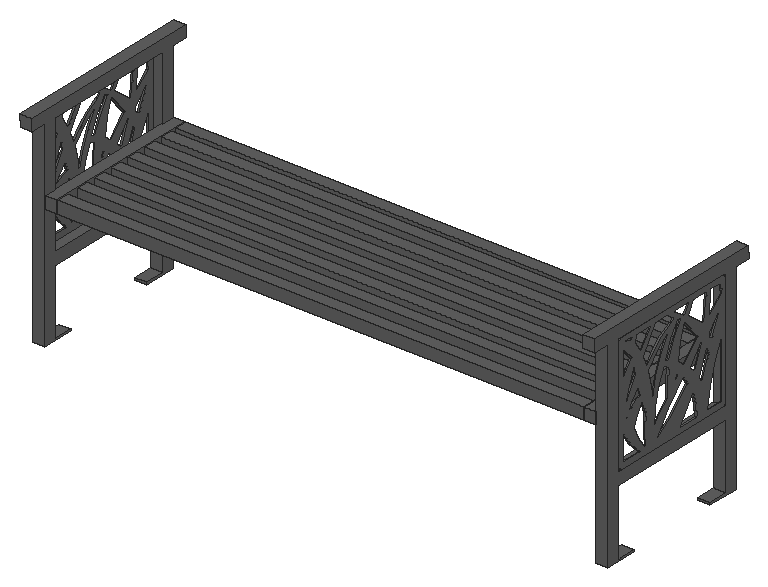
Revit family (continued)
Definition of nested family "Panel-Seat-SiteScapes-Square Tube"
  Forms (in)
    Sweep 5, solid, material <- "Material", detail levels medium+fine
      profile origin (0, 1.7, 0) x (0, 1, 0) y (0, 0, 1)
        loop
          line (-8.14, 1.5) -> (-8.14, 0) -> (-6.64, 0) -> (-6.64, 1.5) -> (-8.14, 1.5)
    Sweep 6, solid, material <- "Material", detail levels medium+fine
      path origin (0, 13.2, 0) x (1, 0, 0) y (0, 1, 0)
        loop
          line (-33, -8.86) -> (33, -8.86)
      profile origin (0, 4.34, 0) x (0, 1, 0) y (0, 0, 1)
        loop
          line (-8.14, 1.5) -> (-8.14, 0) -> (-6.64, 0) -> (-6.64, 1.5) -> (-8.14, 1.5)
    Sweep 7, solid, material <- "Material", detail levels medium+fine
      path origin (0, -20.06428, 0) x (-1, 0, 0) y (0, 0, 1)
        loop
          line (-33, 1.5) -> (33, 1.5)
      profile origin (0, -20.06428, 1.5) x (0, 0, 1) y (0, 1, 0)
        loop
          line (-1.5, 1.5) -> (-1.5, 0) -> (0, 0) -> (0, 1.5) -> (-1.5, 1.5)
    Sweep 8, solid, material <- "Material", visible <- "Has Support Bars", detail levels medium+fine
      path origin (0, -0.06428, 0.05462) x (1, 0, 0) y (0, 0, 1)
        loop
          line (33, 1.44538) -> (-33, 1.44538)
      profile origin (0, -0.06428, 1.5) x (0, 0, -1) y (0, -1, 0)
        loop
          line (1.5, 0) -> (1.5, 1.5) -> (0, 1.5) -> (0, 0) -> (1.5, 0)
    Sweep 9, solid, material <- "Material", detail levels medium+fine
      path origin (0, 0, 0) x (1, 0, 0) y (0, 1, 0)
        loop
          line (-34.5, -20.06428) -> (-34.5, -0.06428)
      profile origin (-34.5, -10.06428, 0) x (-1, 0, 0) y (0, 0, 1)
        loop
          line (0, 1.5) -> (-1.5, 1.5) -> (-1.5, 0) -> (0, 0) -> (0, 1.5)
    Sweep 10, solid, material <- "Material", detail levels medium+fine
      path origin (67.5, 0, 0) x (1, 0, 0) y (0, 1, 0)
        loop
          line (-34.5, -20.06428) -> (-34.5, -0.06428)
      profile origin (33, -10.06428, 0) x (-1, 0, 0) y (0, 0, 1)
        loop
          line (0, 1.5) -> (-1.5, 1.5) -> (-1.5, 0) -> (0, 0) -> (0, 1.5)
  Lines and regions (in)
    Masking region 1, detail levels medium+fine
      outline origin (0, -2.3125, 0) x (1, 0, 0) y (0, 0, 1)
        loop
          line (-34.5, 1.5) -> (-34.5, 0) -> (34.5, 0) -> (34.5, 1.5) -> (-34.5, 1.5)
    Masking region 2, detail levels medium+fine
      outline origin (0, 3, 0) x (0, 1, 0) y (0, 0, 1)
        loop
          line (-20, 1.5) -> (-20, 0) -> (-18.5, 0) -> (-18.5, 1.5) -> (-20, 1.5)
    Masking region 3, detail levels medium+fine
      outline origin (0, 0, 0) x (1, 0, 0) y (0, 1, 0)
        loop
          line (-33, -15.5) -> (-33, -17) -> (33, -17) -> (33, -15.5) -> (-33, -15.5)
        loop
          line (-33, -14.36) -> (33, -14.36) -> (33, -12.86) -> (-33, -12.86) -> (-33, -14.36)
        loop
          line (-33, -11.72) -> (33, -11.72) -> (33, -10.22) -> (-33, -10.22) -> (-33, -11.72)
        loop
          line (-33, -9.08) -> (33, -9.08) -> (33, -7.58) -> (-33, -7.58) -> (-33, -9.08)
        loop
          line (-33, -6.44) -> (33, -6.44) -> (33, -4.94) -> (-33, -4.94) -> (-33, -6.44)
        loop
          line (-33, -3.8) -> (33, -3.8) -> (33, -2.3) -> (-33, -2.3) -> (-33, -3.8)
        loop
          line (33, -0.06428) -> (-33, -0.06428) -> (-33, -1.56428) -> (33, -1.56428) -> (33, -0.06428)
        loop
          line (33, -18.56428) -> (-33, -18.56428) -> (-33, -20.06428) -> (33, -20.06428) -> (33, -18.56428)
    Masking region 4, detail levels medium+fine
      outline origin (0, 5.64, 0) x (0, 1, 0) y (0, 0, 1)
        loop
          line (-20, 1.5) -> (-20, 0) -> (-18.5, 0) -> (-18.5, 1.5) -> (-20, 1.5)
    Masking region 5, detail levels medium+fine
      outline origin (0, 8.28, 0) x (0, 1, 0) y (0, 0, 1)
        loop
          line (-20, 1.5) -> (-20, 0) -> (-18.5, 0) -> (-18.5, 1.5) -> (-20, 1.5)
    Masking region 6, detail levels medium+fine
      outline origin (0, 10.92, 0) x (0, 1, 0) y (0, 0, 1)
        loop
          line (-20, 1.5) -> (-20, 0) -> (-18.5, 0) -> (-18.5, 1.5) -> (-20, 1.5)
    Masking region 7, detail levels medium+fine
      outline origin (0, 13.56, 0) x (0, 1, 0) y (0, 0, 1)
        loop
          line (-20, 1.5) -> (-20, 0) -> (-18.5, 0) -> (-18.5, 1.5) -> (-20, 1.5)
    Masking region 8, detail levels medium+fine
      outline origin (0, 16.2, 0) x (0, 1, 0) y (0, 0, 1)
        loop
          line (-20, 1.5) -> (-20, 0) -> (-18.5, 0) -> (-18.5, 1.5) -> (-20, 1.5)
    Masking region 9, detail levels medium+fine
      outline origin (-0.09772, -0.06428, 0) x (1, 0, 0) y (0, 1, 0)
        loop
          line (-34.5, 0) -> (-34.5, -20) -> (34.5, -20) -> (34.5, 0) -> (-34.5, 0)
        loop
          line (-33, -1.5) -> (-33, -18.5) -> (33, -18.5) -> (33, -1.5) -> (-33, -1.5)
    Masking region 10, detail levels medium+fine
      outline origin (0, -0.06428, 0) x (0, 1, 0) y (0, 0, 1)
        loop
          line (-20, 1.5) -> (-20, 0) -> (-18.5, 0) -> (-18.5, 1.5) -> (-20, 1.5)
    Masking region 11, detail levels medium+fine
      outline origin (0, 18.44947, 0) x (0, 1, 0) y (0, 0, 1)
        loop
          line (-20, 1.5) -> (-20, 0) -> (-18.5, 0) -> (-18.5, 1.5) -> (-20, 1.5)
    Masking region 12, detail levels medium+fine
      outline origin (0, 0, 0) x (1, 0, 0) y (0, 1, 0)
        loop
          line (-34.5, -0.06428) -> (-34.5, -20.06428) -> (-33, -20.06428) -> (-33, -0.06428) -> (-34.5, -0.06428)
        loop
          line (33, -0.06428) -> (33, -20.06428) -> (34.5, -20.06428) -> (34.5, -0.06428) -> (33, -0.06428)
    model lines, style "Bench Seat", detail levels coarse
      curve 1: line (-33, -17, 1.5) -> (-33, -17, 0)
    model lines, style "Bench Frame", detail levels coarse
      curve 2: line (-33.84772, -0.81428, 0.75) -> (33.65228, -0.81428, 0.75)
      curve 3: line (33.65228, -19.31428, 0.75) -> (-33.84772, -19.31428, 0.75)
      curve 4: line (-33.84772, -20.06428, 0.75) -> (-33.84772, -0.06428, 0.75)
      curve 5: line (33.65228, -20.06428, 0.75) -> (33.65228, -0.06428, 0.75)
    model lines, detail levels coarse
      curve 6: line (33.65228, -16.36, 1.5) -> (-33.84772, -16.36, 1.5)
      curve 7: line (-33.84772, -13.61, 1.5) -> (33.65228, -13.61, 1.5)
      curve 8: line (33.65228, -10.97, 1.5) -> (-33.84772, -10.97, 1.5)
      curve 9: line (-33.84772, -8.33, 1.5) -> (33.65228, -8.33, 1.5)
      curve 10: line (33.65228, -5.69, 1.5) -> (-33.84772, -5.69, 1.5)
      curve 11: line (-33.84772, -3.05, 1.5) -> (33.65228, -3.05, 1.5)
  Dimensions and locks (in)
    "Width": plane 24 to plane 25
    "Height": plane 7 "Top" to plane 2 "Original Bottom"
    locked: plane 5 "Inside Right" to plane 21 at 1.5
    locked: plane 20 "Bar Left" to plane 4 "Inside Left" at 1.5
    plane 8 "BacK Depth" to plane 9 "Front Depth" = 0' - 1.14"
    locked: plane 1 "Center (Front/Back)" to plane 11 "Back Offset" at 1.14
    locked: plane 6 "Front" to plane 10 "Front Offset" at 1.14
    locked: plane 24 to plane 20 "Bar Left" at 1.5
    locked: plane 21 to plane 25 at 1.5
    equal spacing: plane 24, plane 3 "Center (Left/Right)", plane 25
    aligned and locked: plane 2 "Original Bottom" to level
    aligned and locked: Masking region 1 sketch curve to plane 7 "Top"
    aligned and locked: plane 2 "Original Bottom" to Masking region 1 sketch curve
    aligned and locked: Masking region 3 sketch curve to Sweep 1  (x4)
    aligned and locked: plane 13 to Sweep 3
    aligned and locked: plane 14 to Sweep 3
    aligned and locked: plane 15 to Sweep 4
    aligned and locked: plane 16 to Sweep 4
    aligned and locked: plane 17 to Sweep 5
    aligned and locked: plane 18 to Sweep 5
    aligned and locked: plane 19 to Sweep 6
    aligned and locked: plane 5 "Inside Right" to Sweep 2 sketch curve
    aligned and locked: plane 4 "Inside Left" to Sweep 2 sketch curve
    aligned and locked: plane 5 "Inside Right" to Sweep 3 sketch curve
    aligned and locked: plane 4 "Inside Left" to Sweep 3 sketch curve
    aligned and locked: plane 5 "Inside Right" to Sweep 1 sketch curve
    aligned and locked: plane 4 "Inside Left" to Sweep 1 sketch curve
    aligned and locked: plane 5 "Inside Right" to Sweep 4 sketch curve
    aligned and locked: plane 4 "Inside Left" to Sweep 4 sketch curve
    aligned and locked: plane 5 "Inside Right" to Sweep 5 sketch curve
    aligned and locked: plane 4 "Inside Left" to Sweep 5 sketch curve
    aligned and locked: plane 5 "Inside Right" to Sweep 6 sketch curve
    aligned and locked: plane 4 "Inside Left" to Sweep 6 sketch curve
    aligned and locked: Masking region 3 sketch curve to Sweep 2  (x4)
    aligned and locked: Masking region 3 sketch curve to Sweep 3  (x4)
    aligned and locked: Masking region 3 sketch curve to Sweep 4  (x4)
    aligned and locked: Masking region 3 sketch curve to Sweep 5  (x4)
    aligned and locked: Masking region 3 sketch curve to Sweep 6  (x4)
    aligned and locked: profile plane to Sweep 7 sketch curve
    aligned and locked: profile plane to Sweep 8 sketch curve
    aligned and locked: Sweep 7 to Sweep 8 sketch curve
    aligned and locked: Masking region 3 sketch curve to Sweep 8  (x4)
    aligned and locked: Masking region 3 sketch curve to Sweep 7  (x4)
    aligned and locked: plane 4 "Inside Left" to Sweep 7
    aligned and locked: plane 4 "Inside Left" to Sweep 8
    aligned and locked: Sweep 9 sketch curve to plane 20 "Bar Left"
    aligned and locked: plane 4 "Inside Left" to Sweep 9 sketch curve
    aligned and locked: Sweep 9 sketch curve to plane 7 "Top"
    aligned and locked: plane 2 "Original Bottom" to Sweep 9 sketch curve
    aligned and locked: Sweep 10 to plane 5 "Inside Right"
    aligned and locked: Sweep 10 to plane 21
    aligned and locked: Sweep 10 to plane 22
    aligned and locked: Sweep 10 to plane 23
    aligned and locked: Masking region 12 sketch curve to plane 22  (x2)
    aligned and locked: plane 23 to Masking region 12 sketch curve  (x2)
    aligned and locked: plane 5 "Inside Right" to Masking region 12 sketch curve
    aligned and locked: plane 21 to Masking region 12 sketch curve
    aligned and locked: plane 4 "Inside Left" to Masking region 12 sketch curve
    aligned and locked: Masking region 12 sketch curve to plane 20 "Bar Left"
    aligned and locked: Sweep 10 to curve 5
    aligned and locked: curve 5 to Sweep 10
    aligned and locked: plane 23 to curve 4
    aligned and locked: curve 5 to curve 11
    aligned and locked: curve 5 to curve 10
    aligned and locked: curve 5 to curve 9
    aligned and locked: curve 5 to curve 8
    aligned and locked: curve 5 to curve 7
    aligned and locked: curve 4 to curve 6
    aligned and locked: curve 4 to curve 7
    aligned and locked: curve 4 to curve 8
    aligned and locked: curve 4 to curve 9
    aligned and locked: curve 4 to curve 10
    aligned and locked: curve 4 to curve 11
    aligned and locked: curve 4 to curve 2
    aligned and locked: Masking region 1 sketch curve to plane 20 "Bar Left"
    aligned and locked: plane 21 to Masking region 1 sketch curve
  Automatic sketch dimensions
    Sweep 1 sketch curve to profile plane = 0' - 0"
    profile plane to Sweep 1 sketch curve = 0' - 8.14"
    Sweep 1 sketch curve to Sweep 1 sketch curve = 0' - 1 1/2"
    profile plane to Sweep 1 sketch curve = 0' - 1 1/2"
    Masking region 4 sketch curve to Masking region 4 sketch curve = 0' - 1 1/2"  (x2)
    Sweep 2 sketch curve to profile plane = 0' - 0"
    profile plane to Sweep 2 sketch curve = 0' - 8.14"
    Sweep 2 sketch curve to Sweep 2 sketch curve = 0' - 1 1/2"
    profile plane to Sweep 2 sketch curve = 0' - 1 1/2"
    Masking region 5 sketch curve to Masking region 5 sketch curve = 0' - 1 1/2"  (x2)
    Sweep 3 sketch curve to profile plane = 0' - 0"
    profile plane to Sweep 3 sketch curve = 0' - 8.14"
    Sweep 3 sketch curve to Sweep 3 sketch curve = 0' - 1 1/2"
    profile plane to Sweep 3 sketch curve = 0' - 1 1/2"
    Masking region 6 sketch curve to Masking region 6 sketch curve = 0' - 1 1/2"  (x2)
    Sweep 4 sketch curve to profile plane = 0' - 0"
    profile plane to Sweep 4 sketch curve = 0' - 8.14"
    Sweep 4 sketch curve to Sweep 4 sketch curve = 0' - 1 1/2"
    profile plane to Sweep 4 sketch curve = 0' - 1 1/2"
    Masking region 7 sketch curve to Masking region 7 sketch curve = 0' - 1 1/2"  (x2)
    Sweep 5 sketch curve to profile plane = 0' - 0"
    profile plane to Sweep 5 sketch curve = 0' - 8.14"
    Sweep 5 sketch curve to Sweep 5 sketch curve = 0' - 1 1/2"
    profile plane to Sweep 5 sketch curve = 0' - 1 1/2"
    Masking region 8 sketch curve to Masking region 8 sketch curve = 0' - 1 1/2"  (x2)
    Sweep 6 sketch curve to profile plane = 0' - 0"
    profile plane to Sweep 6 sketch curve = 0' - 8.14"
    Sweep 6 sketch curve to Sweep 6 sketch curve = 0' - 1 1/2"
    profile plane to Sweep 6 sketch curve = 0' - 1 1/2"
    curve 1 to plane 7 "Top" = 0' - 0"
    Masking region 4 sketch curve to level = 0' - 0"
    Masking region 4 sketch curve to plane 8 "BacK Depth" = 0' - 0"
    Masking region 5 sketch curve to level = 0' - 0"
    Masking region 5 sketch curve to plane 13 = 0' - 0"
    Masking region 6 sketch curve to level = 0' - 0"
    Masking region 6 sketch curve to plane 15 = 0' - 0"
    Masking region 7 sketch curve to level = 0' - 0"
    Masking region 7 sketch curve to plane 17 = 0' - 0"
    plane 11 "Back Offset" to Sweep 5 sketch curve = 0' - 2.8725"
    Masking region 8 sketch curve to level = 0' - 0"
    Masking region 8 sketch curve to plane 19 = 0' - 0"
    plane 11 "Back Offset" to Sweep 6 sketch curve = 0' - 5.5125"
    Sweep 2 sketch curve to plane 17 = 0' - 0.22"
    Sweep 3 sketch curve to plane 19 = 0' - 0.22"
    Sweep 1 sketch curve to plane 15 = 0' - 0.22"
    plane 11 "Back Offset" to Sweep 4 sketch curve = 0' - 0.2325"
    Sweep 7 sketch curve to plane 7 "Top" = 0' - 0"
    plane 5 "Inside Right" to Sweep 7 sketch curve = 0' - 0"
    Sweep 7 sketch curve to plane 4 "Inside Left" = 0' - 0"
    Sweep 7 sketch curve to profile plane = 0' - 0"
    profile plane to Sweep 7 sketch curve = 0' - 1 1/2"  (x2)
    plane 4 "Inside Left" to Sweep 8 sketch curve = 0' - 0"
    Sweep 8 sketch curve to plane 5 "Inside Right" = 0' - 0"
    Sweep 8 sketch curve to profile plane = 0' - 0"
    Sweep 8 sketch curve to profile plane = 0' - 1 1/2"
    Sweep 8 sketch curve to Sweep 8 sketch curve = 0' - 1 1/2"
    plane 4 "Inside Left" to Masking region 9 sketch curve = 0' - 0.09772"
    Masking region 9 sketch curve to plane 5 "Inside Right" = 0' - 0.09772"
    Masking region 9 sketch curve to plane 10 "Front Offset" = 0' - 1.92428"
    Masking region 9 sketch curve to plane 10 "Front Offset" = 0' - 0.42428"
    Masking region 9 sketch curve to plane 11 "Back Offset" = 0' - 0.39178"
    plane 11 "Back Offset" to Masking region 9 sketch curve = 0' - 1.10822"
    Masking region 2 sketch curve to level = 0' - 0"
    Masking region 2 sketch curve to plane 6 "Front" = 0' - 0"
    Masking region 2 sketch curve to plane 9 "Front Depth" = 0' - 0"
    Masking region 2 sketch curve to plane 7 "Top" = 0' - 0"
    Masking region 10 sketch curve to level = 0' - 0"
    Masking region 10 sketch curve to plane 7 "Top" = 0' - 0"
    Masking region 10 sketch curve to plane 10 "Front Offset" = 0' - 1.92428"
    Masking region 10 sketch curve to plane 10 "Front Offset" = 0' - 0.42428"
    Masking region 11 sketch curve to level = 0' - 0"
    Masking region 11 sketch curve to plane 7 "Top" = 0' - 0"
    Masking region 11 sketch curve to plane 11 "Back Offset" = 0' - 0.37803"
    plane 11 "Back Offset" to Masking region 11 sketch curve = 0' - 1.12197"
    plane 21 to Masking region 9 sketch curve = 0' - 0.09772"
    plane 20 "Bar Left" to Masking region 9 sketch curve = 0' - 0.09772"
    Sweep 9 sketch curve to plane 20 "Bar Left" = 0' - 0"
    plane 22 to Sweep 9 sketch curve = 0' - 0"
    plane 23 to Sweep 9 sketch curve = 0' - 0"
    Sweep 10 sketch curve to plane 5 "Inside Right" = 0' - 0"
    plane 22 to Sweep 10 sketch curve = 0' - 0"
    plane 23 to Sweep 10 sketch curve = 0' - 0"
    Sweep 10 sketch curve to level = 0' - 0"
    Sweep 10 sketch curve to profile plane = 0' - 0"
    profile plane to Sweep 10 sketch curve = 0' - 1 1/2"
    level to Sweep 10 sketch curve = 0' - 1 1/2"
    plane 22 to curve 4 = 0' - 0"
    plane 11 "Back Offset" to curve 2 = 0' - 0.35822"
    curve 3 to plane 22 = 0' - 0 3/4"
    curve 4 to plane 20 "Bar Left" = 0' - 0.65228"
    plane 5 "Inside Right" to curve 3 = 0' - 0.65228"
    curve 1 to plane 6 "Front" = 0' - 0"
    level to curve 1 = 0' - 0"
    plane 1 "Center (Front/Back)" to curve 11 = 0' - 0.7375"
    curve 10 to plane 17 = 0' - 0 3/4"
    curve 9 to plane 15 = 0' - 0 3/4"
    curve 8 to plane 13 = 0' - 0 3/4"
    curve 7 to plane 8 "BacK Depth" = 0' - 0 3/4"
    plane 6 "Front" to curve 6 = 0' - 0.64"
    plane 5 "Inside Right" to curve 6 = 0' - 0.65228"
Types (2): name | Side Panel Width | Seat Panel Width | Product Documentation Link | Panel Seat Width | Panel Back Width | Model | Length | Frame Width | Description | 03 Seat Panel
  TG1-1100 | 6' - 0" | 5' - 6" | "http://www.sitescapesonline.com/PDF/TG1-1100%20-%20Customer%20Print.PDF" | 5' - 6" | 5' - 7" | "TG1-1100" | 6' - 0" | 5' - 9" | "TallGrass Pattern, Backless Bench, Six foot length, Steel Bar Ends" | Panel-Seat-SiteScapes-Square Tube : Square_Tube_Seat-6ft
  TG1-2100 | 8' - 0" | 7' - 6" | "http://www.sitescapesonline.com/PDF/TG1-2100%20-%20Customer%20Print.PDF" | 7' - 6" | 7' - 7" | "TG1-2100" | 8' - 0" | 7' - 9" | "TallGrass Pattern, Backless Bench, Eight foot length, Steel Bar Ends" | Panel-Seat-SiteScapes-Square Tube : Square_Tube_Seat-8ft
